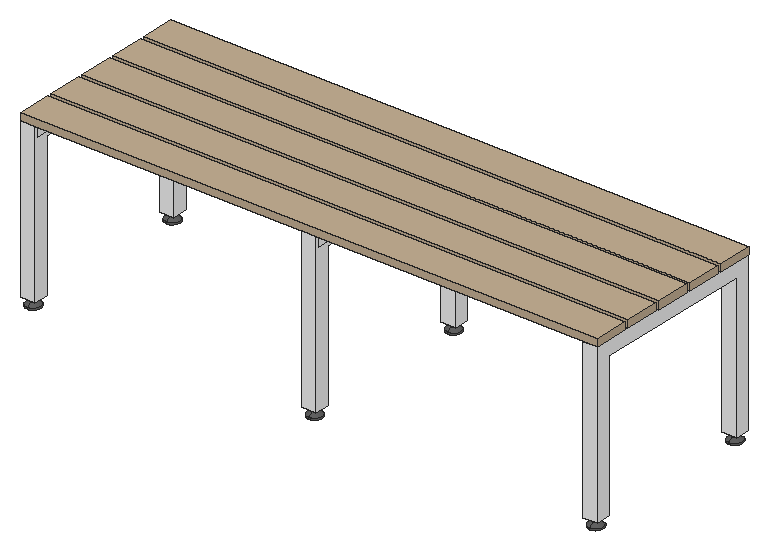
Revit family "Lockin Lockers AU_Seats_R22", category Furniture, Revit 2022
Family settings
  OmniClass Number = 23.40.20.27
  OmniClass Title = Storage Shelving
  Work Plane-Based = Yes
  Always vertical = Yes
  Cut with Voids When Loaded = No
  Render Appearance Source = Family Geometry
  Shared = Yes
  Room Calculation Point = No
Parameters (values of type "Bench Seat Single (S1)")
  Width Control = if(Desired Width > Maximum Width, Maximum Width, if(Desired Width < Minimum Width, Minimum Width, Desired Width))  # 1500 mm
  URL = "https://www.lockin.com.au/accessories/bench-seating/s1-seat"
  Seat Type = Lockin Lockers AU_Bench Seats_R22 : Bench Seat Single (S1)
  SS2 = no
  SS1 = no
  S2 = no
  S1 = yes
  SOT = no
  Height Control = if(Desired Height > Maximum Height, Maximum Height, if(Desired Height < Minimum Height, Minimum Height, Desired Height))  # 450 mm
  Minimum Width = if(SOT, 1500 mm, 500 mm)  # 500 mm
  Minimum Height = 450 mm  # constant formula
  Minimum Depth = if(S1, 490 mm, if(S2, 890 mm, if(SS1, 490 mm, if(SS2, 790 mm, if(SOT, 800 mm, 0 mm)))))  # 490 mm
  Maximum Width = if(SOT, 2500 mm, 2750 mm)  # 2750 mm
  Maximum Height = 450 mm  # constant formula
  Maximum Depth = if(S1, 490 mm, if(S2, 890 mm, if(SS1, 490 mm, if(SS2, 790 mm, if(SOT, 800 mm, 0 mm)))))  # 490 mm
  Model = "S1"
  Manufacturer = "Lockin Lockers AU"  # constant formula
  Description = "Bench Seat Single"
  Depth Control = if(Desired Depth > Maximum Depth, Maximum Depth, if(Desired Depth < Minimum Depth, Minimum Depth, Desired Depth))  # 490 mm
  Default Elevation = 0 mm  # constant formula
  Desired Height = 450 mm
  Desired Depth = 490 mm
  Desired Width = 1500 mm
  Body/Frame Material = Material - Welded Steel - Oven-Baked Powdercoat
  Seat Material = Wood
  Assembly Code = ""
Types (10, lengths in mm): name | Width Control | URL | Seat Type | SS2 | SS1 | S2 | S1 | SOT | Minimum Width | Minimum Depth | Maximum Width | Maximum Depth | Model | Description | Depth Control | Desired Depth | Desired Width
  (no name) | 1500 | "https://www.lockin.com.au/accessories/bench-seating/s1-seat" | Lockin Lockers AU_Bench Seats_R22 : Bench Seat Single (S1) | no | no | no | yes | no | 500 | 490 | 2750 | 490 | "S1" | "Bench Seat Single" | 490 | 490 | 1500
  Bench Seat Single (S1) | 1500 | "https://www.lockin.com.au/accessories/bench-seating/s1-seat" | Lockin Lockers AU_Bench Seats_R22 : Bench Seat Single (S1) | no | no | no | yes | no | 500 | 490 | 2750 | 490 | "S1" | "Bench Seat Single" | 490 | 490 | 1500
  Bench Seat Double (S2) | 1500 | "https://www.lockin.com.au/accessories/bench-seating/s2-seat" | Lockin Lockers AU_Bench Seats_R22 : Bench Seat Double (S2) | no | no | yes | no | no | 500 | 890 | 2750 | 890 | "S2" | "Bench Seat Double" | 890 | 890 | 1500
  Bench Seat double w. rail (SR) | 1500 | "https://www.lockin.com.au/accessories/bench-seating/sr-seat" | Lockin Lockers AU_Bench Seats_R22 : Bench Seat double w. rail (SR) | no | no | yes | no | no | 500 | 890 | 2750 | 890 | "SR" | "Bench Seat double w. rail" | 890 | 890 | 1500
  Bench Seat Accessible double (ALS2) | 1500 | "https://www.lockin.com.au/accessories/bench-seating/als2-accessible-seat" | Lockin Lockers AU_Bench Seats_R22 : Bench Seat Accessible double (ALS2) | no | no | yes | no | no | 500 | 890 | 2750 | 890 | "ALS2" | "Bench Seat Accessible double" | 890 | 890 | 1500
  Bench Seat Accessible double w. rail (ALSR) | 1500 | "https://www.lockin.com.au/accessories/bench-seating/alsr-accessible-seat" | Lockin Lockers AU_Bench Seats_R22 : Bench Seat Accessible double w. rail (ALSR) | no | no | yes | no | no | 500 | 890 | 2750 | 890 | "ALSR" | "Bench Seat Accessible double w. rail" | 890 | 890 | 1500
  Shoe Seat Single (SS1) | 1500 | "https://www.lockin.com.au/accessories/bench-seating/ss1-seat" | Lockin Lockers AU_Shoe Seat_R22 : Shoe seat Single (SS1) | no | yes | no | no | no | 500 | 490 | 2750 | 490 | "SS1" | "Shoe Seat Single" | 490 | 490 | 1500
  Shoe Seat Double (SS2) | 1500 | "https://www.lockin.com.au/accessories/bench-seating/ss2-seat" | Lockin Lockers AU_Shoe Seat_R22 : Shoe seat Double (SS2) | yes | no | no | no | no | 500 | 790 | 2750 | 790 | "SS2" | "Shoe Seat Double" | 790 | 490 | 1500
  Ottoman - Round (SOT) | 1800 | "https://www.lockin.com.au/accessories/bench-seating/ottomans" | Lockin Lockers AU_Ottoman_R22 : Ottoman - Round (SOT) | no | no | no | no | yes | 1500 | 800 | 2500 | 800 | "SOT" | "Ottoman - Round" | 800 | 800 | 1800
  Ottoman - Square (SOT) | 1800 | "https://www.lockin.com.au/accessories/bench-seating/ottomans" | Lockin Lockers AU_Ottoman_R22 : Ottoman - Square (SOT) | no | no | no | no | yes | 1500 | 800 | 2500 | 800 | "SOT" | "Ottoman - Square" | 800 | 800 | 1800
Reference planes
  plane 1 "Back": y = -2057.4
  plane 2 "Bottom": z = 0
  plane 3 "Right": x = 821.334
  plane 4 "T. Legs": z = 0
  plane 5 "Center (Left/Right)": x = 71.334
  plane 6 "Center (Front/Back)": y = -2302.4
Dimensions and locks
  aligned and locked: level to plane 2 "Bottom"
  aligned and locked: plane 6 "Center (Front/Back)" to nested 1
  aligned and locked: plane 5 "Center (Left/Right)" to nested 1
Nested families
  nested 1: "Lockin Lockers AU_Bench Seats_R22" at (0, 0, 0), type <- "Seat Type", Seat Material <- "Seat Material", Body/Frame Material <- "Body/Frame Material", Desired Height <- "Height Control", Desired Width <- "Width Control", Desired Depth <- "Depth Control", Minimum Height <- "Minimum Height", Maximum Height <- "Maximum Height", Minimum Width <- "Minimum Width", Maximum Width <- "Maximum Width", Minimum Depth <- "Minimum Depth", Maximum Depth <- "Maximum Depth", type "Bench Seat Single (S1)"
    with Width Control 1500 mm, Seat Material Wood, N_Bench Rows 5, Minimum Width 500 mm, Minimum Height 450 mm, Minimum Depth 490 mm, Maximum Width 2750 mm, Maximum Height 450 mm, Maximum Depth 490 mm, Height Control 450 mm, Desired Width 1500 mm, Desired Height 450 mm, Desired Depth 490 mm, Depth Control 490 mm, Body/Frame Material Material - Welded Steel - Oven-Baked Powdercoat
Definition of nested family "Lockin Lockers AU_Bench Seats_R22"
  Parameters (values of type "Bench Seat Single (S1)")
    vis_Rail = no
    vis_Accessible Only = no
    vis_Accessible Shared = no
    Width Control [instance] = if(Desired Width > Maximum Width, Maximum Width, if(Desired Width < Minimum Width, Minimum Width, Desired Width))  # 1500 mm
    URL = "https://www.lockin.com.au/accessories/bench-seating/s1-seat"
    TH Seat = 19 mm  # constant formula
    TH Leg = 38 mm  # constant formula
    N_Bench Rows [instance] = Depth Control / Bench Spacing  # 5
    Height Control [instance] = if(Desired Height > Maximum Height, Maximum Height, if(Desired Height < Minimum Height, Minimum Height, Desired Height))  # 450 mm
    Minimum Width [instance] = 500 mm
    Minimum Height [instance] = 450 mm
    Minimum Depth [instance] = 490 mm
    Maximum Width [instance] = 2750 mm
    Maximum Height [instance] = 450 mm
    Maximum Depth [instance] = 490 mm
    Model = "S1"
    Manufacturer = "Lockin Lockers AU"  # constant formula
    H Rail = 950 mm  # constant formula
    H Accessible = 390 mm  # constant formula
    Description = "Bench Seat Single"
    Depth Control [instance] = if(Desired Depth > Maximum Depth, Maximum Depth, if(Desired Depth < Minimum Depth, Minimum Depth, Desired Depth))  # 490 mm
    Default Elevation = 0 mm  # constant formula
    Desired Height [instance] = 450 mm
    Desired Depth [instance] = 490 mm
    Desired Width [instance] = 1500 mm
    D Bench Joint = 10 mm  # constant formula
    D Bench = 90 mm  # constant formula
    Body/Frame Material [instance] = none
    Bench Spacing = D Bench + D Bench Joint  # 100 mm
    Seat Material [instance] = none
    Assembly Code = ""
  Types (5, lengths in mm): name | vis_Rail | vis_Accessible Only | vis_Accessible Shared | URL | N_Bench Rows | Minimum Depth | Maximum Depth | Model | Description | Depth Control | Desired Depth
    Bench Seat Single (S1) | no | no | no | "https://www.lockin.com.au/accessories/bench-seating/s1-seat" | 5 | 490 | 490 | "S1" | "Bench Seat Single" | 490 | 490
    Bench Seat Double (S2) | no | no | no | "https://www.lockin.com.au/accessories/bench-seating/s2-seat" | 9 | 890 | 890 | "S2" | "Bench Seat Double" | 890 | 890
    Bench Seat double w. rail (SR) | yes | no | no | "https://www.lockin.com.au/accessories/bench-seating/sr-seat" | 9 | 890 | 890 | "SR" | "Bench Seat double w. rail" | 890 | 890
    Bench Seat Accessible double (ALS2) | no | yes | yes | "https://www.lockin.com.au/accessories/bench-seating/als2-accessible-seat" | 9 | 890 | 890 | "ALS2" | "Bench Seat Accessible double" | 890 | 890
    Bench Seat Accessible double w. rail (ALSR) | yes | no | yes | "https://www.lockin.com.au/accessories/bench-seating/alsr-accessible-seat" | 9 | 890 | 890 | "ALSR" | "Bench Seat Accessible double w. rail" | 890 | 890
  Reference planes
    plane 1 "Back": y = -2057.4
    plane 2 "Bottom": z = 0
    plane 3 "Right": x = 821.334
    plane 4 "Left": x = -678.666
    plane 5 "T. Legs": z = 0
    plane 6 "Left Inside": x = -640.666
    plane 7 "Right Inside": x = 783.334
    plane 8 "Back Inside": y = -2095.4
    plane 9 "Center (Left/Right)": x = 71.334
    plane 10 "Center (Front/Back)": y = -2302.4
    plane 11 "Top Bench": z = 450
    plane 12 "Bottom Shelf 30": y = -2509.4
    plane 13 "Front": y = -2547.4
    plane 14 "Planter Face": z = 431
    plane 15: x = 52.334
    plane 16: x = 90.334
    plane 17: z = 393
    plane 18: z = 21
    plane 19: y = -2283.4
    plane 20: y = -2321.4
    plane 21 "hole 12": y = -2147.4
    plane 22 "hole 13": y = -2157.4
    plane 23 "hole 14": y = -2247.4
    plane 24: y = -2541.4
    plane 25: y = -2063.4
    plane 26: y = -2076.4
    plane 27: y = -2528.4
    plane 28: x = -659.666
    plane 29: x = 802.334
    plane 30 "Top Rail": z = 1400
    plane 31: z = 1310
    plane 32 "back rail": y = -2292.9
    plane 33 "front rail": y = -2311.9
    plane 34: x = -403.333
    plane 35: x = 546
    plane 36: x = -166
    plane 37: x = 308.667
    plane 38 "top Accessible": z = 840
    plane 39 "hole 24": z = 750
    plane 40 "hole 25": z = 740
    plane 41 "hole 26": z = 650
    plane 42 "hole 27": z = 640
    plane 43 "hole 28": z = 550
  Forms (mm)
    Extrusion 1, solid, material <- "Body/Frame Material"
      sketch origin (0, 0, 0) x (1, 0, 0) y (0, 1, 0)
        loop
          line (-678.666, -2057.4) -> (-678.666, -2095.4) -> (-640.666, -2095.4) -> (-640.666, -2057.4) -> (-678.666, -2057.4)
        loop
          line (-678.666, -2509.4) -> (-678.666, -2547.4) -> (-640.666, -2547.4) -> (-640.666, -2509.4) -> (-678.666, -2509.4)
        loop
          line (52.334, -2057.4) -> (52.334, -2095.4) -> (90.334, -2095.4) -> (90.334, -2057.4) -> (52.334, -2057.4)
        loop
          line (52.334, -2509.4) -> (52.334, -2547.4) -> (90.334, -2547.4) -> (90.334, -2509.4) -> (52.334, -2509.4)
        loop
          line (783.334, -2057.4) -> (783.334, -2095.4) -> (821.334, -2095.4) -> (821.334, -2057.4) -> (783.334, -2057.4)
        loop
          line (783.334, -2509.4) -> (783.334, -2547.4) -> (821.334, -2547.4) -> (821.334, -2509.4) -> (783.334, -2509.4)
      from 21 to 393
    Extrusion 2, solid, material <- "Body/Frame Material"
      sketch origin (0, 0, 0) x (1, 0, 0) y (0, 1, 0)
        loop
          line (-678.666, -2057.4) -> (-678.666, -2547.4) -> (-640.666, -2547.4) -> (-640.666, -2321.4) -> (52.334, -2321.4) -> (52.334, -2547.4) -> (90.334, -2547.4) -> (90.334, -2321.4) -> (783.334, -2321.4) -> (783.334, -2547.4) -> (821.334, -2547.4) -> (821.334, -2057.4) -> (783.334, -2057.4) -> (783.334, -2283.4) -> (90.334, -2283.4) -> (90.334, -2057.4) -> (52.334, -2057.4) -> (52.334, -2283.4) -> (-640.666, -2283.4) -> (-640.666, -2057.4) -> (-678.666, -2057.4)
      from 393 to 431
    Extrusion 3, solid, material <- "Seat Material"
      sketch origin (71.334, 0, 0) x (0, -1, 0) y (0, 0, 1)
        loop
          line (2057.4, 431) -> (2147.4, 431) -> (2147.4, 450) -> (2057.4, 450) -> (2057.4, 431)
      from -750 to 750
    Extrusion 4, solid, material <- "Seat Material"
      sketch origin (71.334, -100, 0) x (0, -1, 0) y (0, 0, 1)
        loop
          line (2057.4, 431) -> (2147.4, 431) -> (2147.4, 450) -> (2057.4, 450) -> (2057.4, 431)
      from -750 to 750
    Extrusion 5, solid, material <- "Seat Material"
      sketch origin (71.334, -200, 0) x (0, -1, 0) y (0, 0, 1)
        loop
          line (2057.4, 431) -> (2147.4, 431) -> (2147.4, 450) -> (2057.4, 450) -> (2057.4, 431)
      from -750 to 750
    Extrusion 6, solid, material <- "Seat Material"
      sketch origin (71.334, -300, 0) x (0, -1, 0) y (0, 0, 1)
        loop
          line (2057.4, 431) -> (2147.4, 431) -> (2147.4, 450) -> (2057.4, 450) -> (2057.4, 431)
      from -750 to 750
    Extrusion 7, solid, material <- "Seat Material"
      sketch origin (71.334, -400, 0) x (0, -1, 0) y (0, 0, 1)
        loop
          line (2057.4, 431) -> (2147.4, 431) -> (2147.4, 450) -> (2057.4, 450) -> (2057.4, 431)
      from -750 to 750
    Extrusion 8, solid, material <- "Body/Frame Material"
      sketch origin (0, -2302.4, 0) x (1, 0, 0) y (0, 0, 1)
        loop
          line (-640.666, 431) -> (-640.666, 406) -> (-638.666, 406) -> (-638.666, 429) -> (-615.666, 429) -> (-615.666, 431) -> (-640.666, 431)
        loop
          line (90.334, 431) -> (90.334, 406) -> (92.334, 406) -> (92.334, 429) -> (115.334, 429) -> (115.334, 431) -> (90.334, 431)
        loop
          line (783.334, 431) -> (758.334, 431) -> (758.334, 429) -> (781.334, 429) -> (781.334, 406) -> (783.334, 406) -> (783.334, 431)
        loop
          line (52.334, 431) -> (27.334, 431) -> (27.334, 429) -> (50.334, 429) -> (50.334, 406) -> (52.334, 406) -> (52.334, 431)
      from 19 to 239
    Extrusion 9, solid, material <- "Body/Frame Material"
      sketch origin (0, -2302.4, 0) x (1, 0, 0) y (0, 0, 1)
        loop
          line (-640.666, 431) -> (-640.666, 406) -> (-638.666, 406) -> (-638.666, 429) -> (-615.666, 429) -> (-615.666, 431) -> (-640.666, 431)
        loop
          line (90.334, 431) -> (90.334, 406) -> (92.334, 406) -> (92.334, 429) -> (115.334, 429) -> (115.334, 431) -> (90.334, 431)
        loop
          line (783.334, 431) -> (758.334, 431) -> (758.334, 429) -> (781.334, 429) -> (781.334, 406) -> (783.334, 406) -> (783.334, 431)
        loop
          line (52.334, 431) -> (27.334, 431) -> (27.334, 429) -> (50.334, 429) -> (50.334, 406) -> (52.334, 406) -> (52.334, 431)
      from -239 to -19
    Extrusion 10, solid, material <- "Body/Frame Material", visible <- "vis_Rail"
      sketch origin (0, 0, 0) x (1, 0, 0) y (0, 1, 0)
        loop
          line (-678.666, -2283.4) -> (-678.666, -2321.4) -> (-640.666, -2321.4) -> (-640.666, -2283.4) -> (-678.666, -2283.4)
        loop
          line (783.334, -2283.4) -> (783.334, -2321.4) -> (821.334, -2321.4) -> (821.334, -2283.4) -> (783.334, -2283.4)
      from 431 to 1400
    Extrusion 11, solid, material <- "Seat Material", visible <- "vis_Rail"
      sketch origin (0, -2302.4, 0) x (1, 0, 0) y (0, 0, 1)
        loop
          line (-640.666, 1400) -> (-640.666, 1310) -> (783.334, 1310) -> (783.334, 1400) -> (-640.666, 1400)
      from -9.5 to 9.5
    Extrusion 12, solid, material <- "Seat Material", visible <- "vis_Accessible Shared"
      sketch origin (0, -2302.4, -110) x (1, 0, 0) y (0, 0, 1)
        loop
          line (-640.666, 950) -> (-640.666, 860) -> (783.334, 860) -> (783.334, 950) -> (-640.666, 950)
        loop
          line (783.334, 850) -> (-640.666, 850) -> (-640.666, 760) -> (783.334, 760) -> (783.334, 850)
        loop
          line (-640.666, 750) -> (-640.666, 660) -> (783.334, 660) -> (783.334, 750) -> (-640.666, 750)
      from -9.5 to 9.5
    Extrusion 13, solid, material <- "Body/Frame Material", visible <- "vis_Accessible Only"
      sketch origin (0, 0, 0) x (1, 0, 0) y (0, 1, 0)
        loop
          line (-678.666, -2283.4) -> (-678.666, -2321.4) -> (-640.666, -2321.4) -> (-640.666, -2283.4) -> (-678.666, -2283.4)
        loop
          line (783.334, -2283.4) -> (783.334, -2321.4) -> (821.334, -2321.4) -> (821.334, -2283.4) -> (783.334, -2283.4)
      from 431 to 840
  Cuts and joins
    joined: Extrusion 1, Extrusion 2
  Dimensions and locks
    "Depth Control": plane 13 "Front" to plane 1 "Back"
    "TH Leg": plane 8 "Back Inside" to plane 1 "Back"
    "TH Leg": plane 4 "Left" to plane 6 "Left Inside"
    "TH Leg": plane 7 "Right Inside" to plane 3 "Right"
    "Width Control": plane 4 "Left" to plane 3 "Right"
    equal spacing: plane 4 "Left", plane 9 "Center (Left/Right)", plane 3 "Right"
    equal spacing: plane 13 "Front", plane 10 "Center (Front/Back)", plane 1 "Back"
    "TH Seat": plane 11 "Top Bench" to plane 14 "Planter Face"
    "TH Leg": plane 13 "Front" to plane 12 "Bottom Shelf 30"
    "TH Leg": plane 15 to plane 16
    equal spacing: plane 15, plane 9 "Center (Left/Right)", plane 16
    "TH Leg": plane 14 "Planter Face" to plane 17
    locked: plane 18 to level at 21
    "TH Leg": plane 20 to plane 19
    equal spacing: plane 20, plane 10 "Center (Front/Back)", plane 19
    plane 1 "Back" to plane 13 "Front" = 490 mm
    "D Bench": plane 1 "Back" to plane 21 "hole 12"
    "D Bench Joint": plane 21 "hole 12" to plane 22 "hole 13"
    "D Bench": plane 22 "hole 13" to plane 23 "hole 14"
    equal spacing: group 1, group 2, group 3, group 4, group 5  (x2)
    equal spacing: group 5, group 4, group 3, group 2, group 1
    locked: Extrusion 8 sketch curve to Extrusion 8 sketch curve at 2  (x7)
    locked: Extrusion 8 sketch curve to cut or joined group of Extrusion 1, Extrusion 2 at 2
    locked: Extrusion 8 sketch curve to Extrusion 8 sketch curve at 25  (x8)
    locked: plane 24 to plane 13 "Front" at 6
    locked: plane 1 "Back" to plane 25 at 6
    locked: Extrusion 9 sketch curve to Extrusion 9 sketch curve at 2  (x7)
    locked: Extrusion 9 sketch curve to Extrusion 9 sketch curve at 25  (x8)
    equal spacing: plane 4 "Left", plane 28, plane 6 "Left Inside"
    equal spacing: plane 7 "Right Inside", plane 29, plane 3 "Right"
    equal spacing: plane 8 "Back Inside", plane 26, plane 1 "Back"
    equal spacing: plane 13 "Front", plane 27, plane 12 "Bottom Shelf 30"
    plane 30 "Top Rail" to plane 11 "Top Bench" = 950 mm
    "Desired Height": plane 11 "Top Bench" to level
    "D Bench": plane 30 "Top Rail" to plane 31
    "TH Seat": plane 32 "back rail" to plane 33 "front rail"
    equal spacing: plane 32 "back rail", plane 10 "Center (Front/Back)", plane 33 "front rail"
    plane 6 "Left Inside" to plane 34 to plane 36 to plane 9 "Center (Left/Right)" to plane 37 to plane 35 to plane 7 "Right Inside" = 237.333 mm, 237.333 mm, 237.333 mm, 237.333 mm, 237.333 mm, 237.333 mm
    "H Accessible": plane 38 "top Accessible" to plane 11 "Top Bench"
    "D Bench": plane 38 "top Accessible" to plane 39 "hole 24"
    "D Bench Joint": plane 39 "hole 24" to plane 40 "hole 25"
    "D Bench": plane 40 "hole 25" to plane 41 "hole 26"
    "D Bench Joint": plane 41 "hole 26" to plane 42 "hole 27"
    "D Bench": plane 42 "hole 27" to plane 43 "hole 28"
    aligned and locked: level to plane 2 "Bottom"
    aligned and locked: Extrusion 1 to plane 18
    aligned and locked: plane 17 to Extrusion 1
    aligned and locked: Extrusion 1 sketch curve to plane 4 "Left"  (x2)
    aligned and locked: plane 1 "Back" to Extrusion 1 sketch curve  (x3)
    aligned and locked: plane 6 "Left Inside" to Extrusion 1 sketch curve  (x2)
    aligned and locked: Extrusion 1 sketch curve to plane 8 "Back Inside"  (x3)
    aligned and locked: Extrusion 1 sketch curve to plane 13 "Front"  (x3)
    aligned and locked: plane 12 "Bottom Shelf 30" to Extrusion 1 sketch curve  (x3)
    aligned and locked: plane 16 to Extrusion 1 sketch curve  (x2)
    aligned and locked: Extrusion 1 sketch curve to plane 15  (x2)
    aligned and locked: Extrusion 1 sketch curve to plane 3 "Right"  (x2)
    aligned and locked: Extrusion 1 sketch curve to plane 7 "Right Inside"  (x2)
    aligned and locked: plane 14 "Planter Face" to Extrusion 2
    aligned and locked: Extrusion 2 to plane 17
    aligned and locked: Extrusion 2 sketch curve to plane 4 "Left"
    aligned and locked: plane 1 "Back" to Extrusion 2 sketch curve  (x3)
    aligned and locked: Extrusion 2 sketch curve to plane 3 "Right"
    aligned and locked: Extrusion 2 sketch curve to plane 13 "Front"  (x2)
    aligned and locked: plane 13 "Front" to Extrusion 2 sketch curve
    aligned and locked: plane 6 "Left Inside" to Extrusion 2 sketch curve  (x2)
    aligned and locked: Extrusion 2 sketch curve to plane 19  (x2)
    aligned and locked: plane 20 to Extrusion 2 sketch curve  (x2)
    aligned and locked: Extrusion 2 sketch curve to plane 15  (x2)
    aligned and locked: plane 16 to Extrusion 2 sketch curve  (x2)
    aligned and locked: Extrusion 2 sketch curve to plane 7 "Right Inside"  (x2)
    aligned and locked: plane 3 "Right" to Extrusion 3
    aligned and locked: plane 4 "Left" to Extrusion 3
    aligned and locked: plane 21 "hole 12" to Extrusion 3
    aligned and locked: plane 11 "Top Bench" to Extrusion 3
    aligned and locked: Extrusion 3 to plane 14 "Planter Face"
    aligned and locked: Extrusion 3 to plane 1 "Back"
    aligned and locked: Extrusion 4 to plane 14 "Planter Face"
    aligned and locked: Extrusion 4 to plane 22 "hole 13"
    aligned and locked: plane 4 "Left" to Extrusion 4
    aligned and locked: Extrusion 8 sketch curve to cut or joined group of Extrusion 1, Extrusion 2  (x2)
    aligned and locked: cut or joined group of Extrusion 1, Extrusion 2 to Extrusion 8 sketch curve  (x2)
    aligned and locked: Extrusion 8 sketch curve to plane 14 "Planter Face"  (x2)
    aligned and locked: plane 14 "Planter Face" to Extrusion 8 sketch curve  (x2)
    aligned and locked: Extrusion 8 to plane 20
    aligned and locked: plane 24 to Extrusion 8
    aligned and locked: plane 25 to Extrusion 9
    aligned and locked: plane 19 to Extrusion 9
    aligned and locked: plane 14 "Planter Face" to Extrusion 9 sketch curve  (x2)
    aligned and locked: Extrusion 9 sketch curve to plane 14 "Planter Face"  (x2)
    aligned and locked: nested 5 to plane 29
    aligned and locked: plane 26 to nested 5
    aligned and locked: plane 27 to nested 6
    aligned and locked: nested 6 to plane 29
    aligned and locked: plane 27 to nested 3
    aligned and locked: nested 3 to plane 9 "Center (Left/Right)"
    aligned and locked: plane 26 to nested 4
    aligned and locked: nested 4 to plane 9 "Center (Left/Right)"
    aligned and locked: nested 1 to plane 28
    aligned and locked: plane 26 to nested 1
    aligned and locked: nested 2 to plane 28
    aligned and locked: plane 27 to nested 2
    aligned and locked: Extrusion 10 sketch curve to plane 3 "Right"
    aligned and locked: Extrusion 10 sketch curve to plane 7 "Right Inside"
    aligned and locked: plane 19 to Extrusion 10 sketch curve  (x2)
    aligned and locked: Extrusion 10 sketch curve to plane 20  (x2)
    aligned and locked: Extrusion 10 sketch curve to plane 4 "Left"
    aligned and locked: plane 6 "Left Inside" to Extrusion 10 sketch curve
    aligned and locked: plane 30 "Top Rail" to Extrusion 10
    aligned and locked: Extrusion 10 to plane 14 "Planter Face"
    aligned and locked: Extrusion 11 to plane 7 "Right Inside"
    aligned and locked: plane 30 "Top Rail" to Extrusion 11
    aligned and locked: Extrusion 11 to plane 31
    aligned and locked: plane 6 "Left Inside" to Extrusion 11
    aligned and locked: Extrusion 11 to plane 32 "back rail"
    aligned and locked: plane 33 "front rail" to Extrusion 11
    aligned and locked: plane 30 "Top Rail" to nested 7
    aligned and locked: nested 7 to plane 9 "Center (Left/Right)"
    aligned and locked: plane 30 "Top Rail" to nested 8
    aligned and locked: nested 8 to plane 34
    aligned and locked: nested 9 to plane 35
    aligned and locked: plane 30 "Top Rail" to nested 9
    aligned and locked: plane 34 to nested 11
    aligned and locked: nested 11 to plane 30 "Top Rail"
    aligned and locked: plane 9 "Center (Left/Right)" to nested 10
    aligned and locked: nested 10 to plane 30 "Top Rail"
    aligned and locked: plane 35 to nested 12
    aligned and locked: nested 12 to plane 30 "Top Rail"
    aligned and locked: plane 7 "Right Inside" to Extrusion 12 sketch curve  (x2)
    aligned and locked: Extrusion 12 sketch curve to plane 7 "Right Inside"
    aligned and locked: Extrusion 12 sketch curve to plane 6 "Left Inside"  (x2)
    aligned and locked: plane 6 "Left Inside" to Extrusion 12 sketch curve
    aligned and locked: Extrusion 12 sketch curve to plane 38 "top Accessible"
    aligned and locked: plane 39 "hole 24" to Extrusion 12 sketch curve
    aligned and locked: plane 40 "hole 25" to Extrusion 12 sketch curve
    aligned and locked: Extrusion 12 sketch curve to plane 41 "hole 26"
    aligned and locked: Extrusion 12 sketch curve to plane 42 "hole 27"
    aligned and locked: plane 43 "hole 28" to Extrusion 12 sketch curve
    aligned and locked: Extrusion 12 to plane 32 "back rail"
    aligned and locked: plane 33 "front rail" to Extrusion 12
    aligned and locked: plane 38 "top Accessible" to Extrusion 13
    aligned and locked: Extrusion 13 to plane 14 "Planter Face"
    aligned and locked: plane 19 to Extrusion 13 sketch curve  (x2)
    aligned and locked: Extrusion 13 sketch curve to plane 3 "Right"
    aligned and locked: Extrusion 13 sketch curve to plane 20  (x2)
    aligned and locked: Extrusion 13 sketch curve to plane 7 "Right Inside"
    aligned and locked: Extrusion 13 sketch curve to plane 4 "Left"
    aligned and locked: plane 6 "Left Inside" to Extrusion 13 sketch curve
  Automatic sketch dimensions
    Extrusion 3 sketch curve to Extrusion 3 sketch curve = 90 mm
    Extrusion 3 sketch curve to Extrusion 3 sketch curve = 19 mm
    Extrusion 4 sketch curve to Extrusion 4 sketch curve = 90 mm
    Extrusion 4 sketch curve to Extrusion 4 sketch curve = 19 mm
    Extrusion 5 sketch curve to Extrusion 5 sketch curve = 90 mm
    Extrusion 5 sketch curve to Extrusion 5 sketch curve = 19 mm
    Extrusion 6 sketch curve to Extrusion 6 sketch curve = 90 mm
    Extrusion 6 sketch curve to Extrusion 6 sketch curve = 19 mm
    Extrusion 7 sketch curve to Extrusion 7 sketch curve = 90 mm
    Extrusion 7 sketch curve to Extrusion 7 sketch curve = 19 mm
    plane 6 "Left Inside" to Extrusion 9 sketch curve = 0 mm
    plane 15 to Extrusion 9 sketch curve = 0 mm
    plane 16 to Extrusion 9 sketch curve = 0 mm
    plane 7 "Right Inside" to Extrusion 9 sketch curve = 0 mm
    Extrusion 9 sketch curve to plane 6 "Left Inside" = 2 mm
    plane 6 "Left Inside" to Extrusion 11 sketch curve = 0 mm
    plane 7 "Right Inside" to Extrusion 11 sketch curve = 0 mm
    Extrusion 11 sketch curve to plane 31 = 0 mm
    Extrusion 11 sketch curve to plane 30 "Top Rail" = 0 mm
  Nested families
    nested 1: "Lockin_Leveller_R22" at (-1577.8, -19, 0), type "LEVELLER"
    nested 2: "Lockin_Leveller_R22" at (-1577.8, -471, 0), type "LEVELLER"
    nested 3: "Lockin_Leveller_R22" at (-846.8, -471, 0), type "LEVELLER"
    nested 4: "Lockin_Leveller_R22" at (-846.8, -19, 0), type "LEVELLER"
    nested 5: "Lockin_Leveller_R22" at (-115.8, -19, 0), type "LEVELLER"
    nested 6: "Lockin_Leveller_R22" at (-115.8, -471, 0), type "LEVELLER"
    nested 7: "Lockin_Hook_R22" at (-846.8, -254.5, 1400), visible <- "vis_Rail", type "LEVELLER", detail levels medium+fine
    nested 8: "Lockin_Hook_R22" at (-1321.467, -254.5, 1400), visible <- "vis_Rail", type "LEVELLER", detail levels medium+fine
    nested 9: "Lockin_Hook_R22" at (-372.133, -254.5, 1400), visible <- "vis_Rail", type "LEVELLER", detail levels medium+fine
    nested 10: "Lockin_Hook_R22" at (-846.8, -4350.3, 1398.532), visible <- "vis_Rail", type "LEVELLER", detail levels medium+fine
    nested 11: "Lockin_Hook_R22" at (-1321.467, -4350.3, 1400), visible <- "vis_Rail", type "LEVELLER", detail levels medium+fine
    nested 12: "Lockin_Hook_R22" at (-372.133, -4350.3, 1400), visible <- "vis_Rail", type "LEVELLER", detail levels medium+fine
  Definition of nested family "Lockin_Leveller_R22"
    Parameters (values of type "LEVELLER")
      URL = ""
      Model = ""
      Manufacturer = ""
      Description = ""
      Default Elevation = 0 mm
    Reference planes
      plane 1: y = -2057.4
      plane 2: z = 0
      plane 3 "Left": x = 918.134
      plane 4 "Right": x = 918.134
    Forms (mm)
      Revolve 1, solid
        sketch origin (918.134, 0, 0) x (0, 1, 0) y (0, 0, 1)
          loop
            line (-2057.4, 0) -> (-2057.4, 65) -> (-2060.4, 65) -> (-2060.4, 18) -> (-2064.405, 18) -> (-2064.405, 12.372) -> (-2076.4, 3.001) -> (-2076.4, 0) -> (-2057.4, 0)
          axis (-2057.4, 65) -> (-2057.4, 0)
        angle from 0 to 360
    Dimensions and locks
      locked: plane 1 to Revolve 1 sketch curve at 19
      locked: Revolve 1 sketch curve to level at 3.001
      Revolve 1 sketch curve to Revolve 1 sketch curve = 7.005 mm
      plane 1 to Revolve 1 sketch curve = 3 mm
      Revolve 1 sketch curve to level = 65 mm
      locked: Revolve 1 sketch curve to level (angle 38.00°)
      aligned and locked: level to plane 2
  Definition of nested family "Lockin_Hook_R22"
    Parameters (values of type "LEVELLER")
      URL = ""
      Model = ""
      Manufacturer = ""
      Description = ""
      Default Elevation = 0 mm
    Reference planes
      plane 1 "Center (Front/Back)": y = -2057.4
      plane 2 "Top": z = 0
      plane 3 "Left": x = 918.134
      plane 4 "Right": x = 918.134
    Forms (mm)
      Extrusion 1, solid
        sketch origin (918.134, 0, 0) x (0, -1, 0) y (0, 0, 1)
          loop
            line (2118.4, 6) -> (2068.948, -17.06)
            arc (2068.948, -17.06) -> (2060.532, -24.44) -> (2057.4, -35.186) r 20
            line (2057.4, -35.186) -> (2057.4, -70)
            arc (2057.4, -70) -> (2063.258, -84.142) -> (2077.4, -90) r 20
            line (2077.4, -90) -> (2081.81, -90)
            arc (2081.81, -90) -> (2086.139, -89.526) -> (2090.262, -88.126) r 20
            line (2090.262, -88.126) -> (2103.4, -82) -> (2101.287, -77.468) -> (2088.149, -83.595)
            arc (2088.149, -83.595) -> (2085.057, -84.644) -> (2081.81, -85) r 15
            line (2081.81, -85) -> (2077.4, -85)
            arc (2077.4, -85) -> (2066.793, -80.607) -> (2062.4, -70) r 15
            line (2062.4, -70) -> (2062.4, -35.186)
            arc (2062.4, -35.186) -> (2064.749, -27.127) -> (2071.061, -21.592) r 15
            line (2071.061, -21.592) -> (2120.513, 1.468) -> (2118.4, 6)
        from -9 to 9
      Extrusion 2, void
        sketch origin (0, -2057.4, 0) x (1, 0, 0) y (0, 0, 1)
          loop
            circle (916.134, -42) r 3
          loop
            circle (920.134, -62) r 3
        from 0 to 5
    Cuts and joins
      Extrusion 2 cuts Extrusion 1
    Dimensions and locks
      Extrusion 1 to plane 4 "Right" to Extrusion 1 = 9 mm locked, 9 mm locked
      aligned and locked: level to plane 2 "Top"
      aligned and locked: Extrusion 2 to plane 1 "Center (Front/Back)"
      aligned and locked: Extrusion 1 to Extrusion 2
